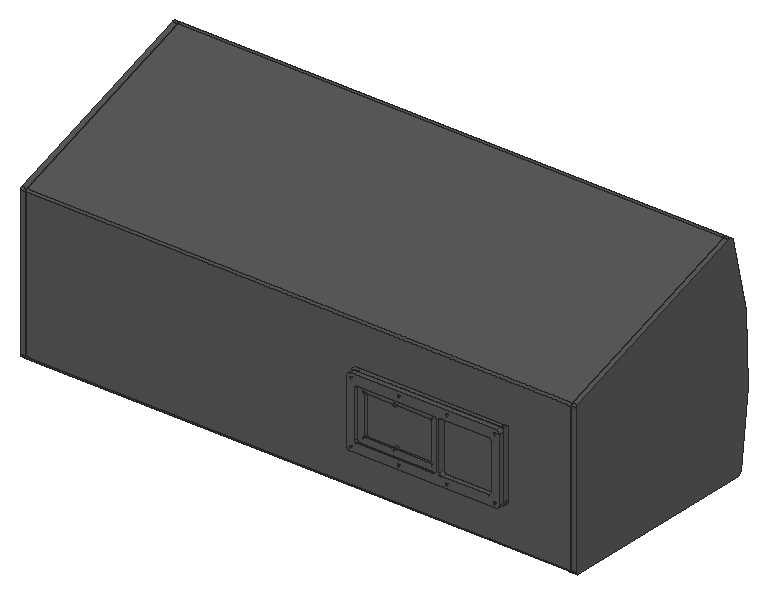
Revit family "EVU-2062", category Communication Devices, Revit 2017
Family settings
  Maintain Annotation Orientation = Yes
  Round Connector Dimension = Use Diameter
  Part Type = Normal
  OmniClass Number = 23.85.10.11.11.21
  OmniClass Title = Speakers
  Work Plane-Based = Yes
  Always vertical = Yes
  Cut with Voids When Loaded = No
  Shared = No
  Room Calculation Point = No
Parameters (values of type "EVU1062/95BLK_Single_6.5_Inch_Two_Way_Black")
  Version = "1"
  Uniclass2015Code = "Pr_60_75_08_02"
  URL = ""
  ProductInformation = "https://www.electrovoice.com/binary/EVU-1062-95.pdf"
  PlanningTools = "http://www.electrovoice.com/product.php?id=1123"
  ModelNumber = "F.01U.216.251"
  Model = ""
  MaterialRALColour = "RAL9004"
  ManufacturerURL = "https://www.electrovoice.com"
  Manufacturer = "Electro Voice"
  LoudspeakerMaterial = 13-plyWeather-resistantBirchEVCoat -RAL9004
  Default Elevation = 0.00 mm
  CTN = "EVU1062/95BLK"
  BackHeight = 145.14 mm  # constant formula
  FrontHeight = 208.40 mm  # constant formula
  InstallationManual = "https://www.electrovoice.com/binary/EVU-1062-95.pdf"
  IfcExportType = "IfcBuildingElementProxyType"
  IfcExportAs = "IfcBuildingElementProxy"
  Length = 532.92 mm  # constant formula
  GrillMaterial = 16GA Powder-coatedGalvanneal - B
  Disclaimer = "http://resource.boschsecurity.com/information/BIM/Disclaimer_Electrovoice.pdf"
  Description = "1.3\" (33mm) diaphgram, 1.4\" (36mm) exit pure titanium compression driver. 6.5\" (165mm) LF transducer. Advanced third-order crossover network with HF protection. Coverage pattern: 90° x 50° Constant Directivity rotatable waveguide. 92 dB sensitivity, 120 dB maximum SPL. System raiting: 160 W continuous, 640 W peak. Universal U-bracket included."
  Depth = 206.70 mm  # constant formula
  ArchitectsAndEngineersSpecs = "https://www.electrovoice.com/binary/EVU-1062-95.pdf"
Reference planes
  plane 1 "Center (Front/Back)": y = 0
  plane 2: z = 0
  plane 3 "Center (Left/Right)": x = 0
Forms (mm)
  Extrusion 1, solid, material "13-plyWeather-resistantBirchEVCoat -RAL9004" <- "LoudspeakerMaterial"
    sketch origin (-261.46, 0, -0.524) x (0, 1, 0) y (0, 0, 1)
      loop
        line (190.935, -66.22) -> (6.35, -66.22) -> (6.35, 68.36) -> (182.131, 128.886) -> (187.496, 132.943)
        arc (187.496, 132.943) -> (185.38, 135.396) -> (182.147, 135.608) r 4.19
        line (182.147, 135.608) -> (1.713, 73.479)
        arc (1.713, 73.479) -> (0.472, 72.553) -> (0, 71.078) r 2.54
        line (0, 71.078) -> (0, -70.03)
        arc (0, -70.03) -> (0.744, -71.826) -> (2.54, -72.57) r 2.54
        line (2.54, -72.57) -> (192.664, -72.57)
        arc (192.664, -72.57) -> (195.278, -71.654) -> (196.75, -69.307) r 4.19
        line (196.75, -69.307) -> (190.935, -66.22)
    from 0 to 522.92
  Extrusion 2, solid, material "16GA Powder-coatedGalvanneal - B" <- "GrillMaterial"
    sketch origin (-261.18, 0, -0.524) x (0, 1, 0) y (0, 0, 1)
      loop
        arc (193.866, -67.776) -> (202.732, 32.222) -> (184.962, 131.027) r 378
        line (184.962, 131.027) -> (183.694, 130.068)
        arc (183.694, 130.068) -> (201.236, 32.097) -> (192.493, -67.047) r 376.5
        line (192.493, -67.047) -> (193.866, -67.776)
    from -0.28 to 522.64
  Extrusion 3, solid, material "13-plyWeather-resistantBirchEVCoat -RAL9004" <- "LoudspeakerMaterial"
    sketch origin (-261.46, 0, -0.524) x (0, -1, 0) y (0, 0, 1)
      loop
        line (0, -70.029) -> (0, 71.078)
        arc (0, 71.078) -> (-0.472, 72.553) -> (-1.713, 73.479) r 2.54
        line (-1.713, 73.479) -> (-182.147, 135.608)
        arc (-182.147, 135.608) -> (-185.382, 135.396) -> (-187.497, 132.94) r 4.19
        arc (-187.497, 132.94) -> (-205.699, 33.006) -> (-196.849, -68.185) r 381
        arc (-196.849, -68.185) -> (-195.694, -71.273) -> (-192.664, -72.569) r 4.19
        line (-192.664, -72.569) -> (-2.54, -72.569)
        arc (-2.54, -72.569) -> (-0.744, -71.825) -> (0, -70.029) r 2.54
    from 0 to 5
  Extrusion 4, solid, material "13-plyWeather-resistantBirchEVCoat -RAL9004" <- "LoudspeakerMaterial"
    sketch origin (261.46, -0.922, -0.524) x (0, 1, 0) y (0, 0, 1)
      loop
        arc (2.635, 73.479) -> (1.394, 72.553) -> (0.922, 71.078) r 2.54
        line (0.922, 71.078) -> (0.922, -70.03)
        arc (0.922, -70.03) -> (1.666, -71.826) -> (3.462, -72.57) r 2.54
        line (3.462, -72.57) -> (193.586, -72.57)
        arc (193.586, -72.57) -> (196.2, -71.654) -> (197.672, -69.307) r 4.19
        arc (197.672, -69.307) -> (206.725, 32.444) -> (188.418, 132.943) r 381
        arc (188.418, 132.943) -> (186.302, 135.396) -> (183.069, 135.608) r 4.19
        line (183.069, 135.608) -> (2.635, 73.479)
    from 0 to 5
Lines and regions (mm)
  model lines, not visible
    curve 1: circle (-185, 35.169, -45.832) r 3 normal (1, 0, 0)
    curve 2: circle (-185, 35.169, -45.832) r 2.25 normal (1, 0, 0)
    curve 3: line (-185, 34.284, -43.764) -> (-185, 34.284, -47.901)
    curve 4: line (-185, 36.054, -43.764) -> (-185, 36.054, -47.901)
    curve 5: circle (-185, 35.169, 4.168) r 3 normal (1, 0, 0)
    curve 6: circle (-185, 35.169, 4.168) r 2.25 normal (1, 0, 0)
    curve 7: line (-185, 34.284, 6.236) -> (-185, 34.284, 2.099)
    curve 8: line (-185, 36.054, 6.236) -> (-185, 36.054, 2.099)
    curve 9: circle (-185, 35.169, 54.168) r 3 normal (1, 0, 0)
    curve 10: circle (-185, 35.169, 54.168) r 2.25 normal (1, 0, 0)
    curve 11: line (-185, 34.284, 56.236) -> (-185, 34.284, 52.099)
    curve 12: line (-185, 36.054, 56.236) -> (-185, 36.054, 52.099)
    curve 13: circle (-185, 155.169, -45.832) r 3 normal (1, 0, 0)
    curve 14: circle (-185, 155.169, -45.832) r 2.25 normal (1, 0, 0)
    curve 15: line (-185, 154.284, -43.764) -> (-185, 154.284, -47.901)
    curve 16: line (-185, 156.054, -43.764) -> (-185, 156.054, -47.901)
    curve 17: circle (-185, 155.169, 24.168) r 3 normal (1, 0, 0)
    curve 18: circle (-185, 155.169, 24.168) r 2.25 normal (1, 0, 0)
    curve 19: line (-185, 154.284, 26.236) -> (-185, 154.284, 22.099)
    curve 20: line (-185, 156.054, 26.236) -> (-185, 156.054, 22.099)
    curve 21: circle (-185, 155.169, 94.168) r 3 normal (1, 0, 0)
    curve 22: circle (-185, 155.169, 94.168) r 2.25 normal (1, 0, 0)
    curve 23: line (-185, 154.284, 96.236) -> (-185, 154.284, 92.099)
    curve 24: line (-185, 156.054, 96.236) -> (-185, 156.054, 92.099)
  reference lines
    curve 25: line (269.037, 206.7, 0) -> (269.287, 206.7, 0)
    curve 26: line (-74.46, 205.803, 31.162) -> (-74.46, 205.803, 31.662)
    curve 27: line (-74.46, 183.398, 135.307) -> (-74.46, 183.698, 135.307)
    curve 28: line (-74.46, 0.658, 72.047) -> (-74.46, 0.358, 72.047)
  model lines
    curve 29: circle (-266.46, 35.169, -46.356) r 3 normal (1, 0, 0)
    curve 30: circle (-266.46, 35.169, -46.356) r 2.25 normal (1, 0, 0)
    curve 31: line (-266.46, 34.284, -44.288) -> (-266.46, 34.284, -48.425)
    curve 32: line (-266.46, 36.054, -44.288) -> (-266.46, 36.054, -48.425)
    curve 33: circle (-266.46, 35.169, 3.644) r 3 normal (1, 0, 0)
    curve 34: circle (-266.46, 35.169, 3.644) r 2.25 normal (1, 0, 0)
    curve 35: line (-266.46, 34.284, 5.712) -> (-266.46, 34.284, 1.575)
    curve 36: line (-266.46, 36.054, 5.712) -> (-266.46, 36.054, 1.575)
    curve 37: circle (-266.46, 35.169, 53.644) r 3 normal (1, 0, 0)
    curve 38: circle (-266.46, 35.169, 53.644) r 2.25 normal (1, 0, 0)
    curve 39: line (-266.46, 34.284, 55.712) -> (-266.46, 34.284, 51.575)
    curve 40: line (-266.46, 36.054, 55.712) -> (-266.46, 36.054, 51.575)
    curve 41: circle (-266.46, 155.169, -46.356) r 3 normal (1, 0, 0)
    curve 42: circle (-266.46, 155.169, -46.356) r 2.25 normal (1, 0, 0)
    curve 43: line (-266.46, 154.284, -44.288) -> (-266.46, 154.284, -48.425)
    curve 44: line (-266.46, 156.054, -44.288) -> (-266.46, 156.054, -48.425)
    curve 45: circle (-266.46, 155.169, 23.644) r 3 normal (1, 0, 0)
    curve 46: circle (-266.46, 155.169, 23.644) r 2.25 normal (1, 0, 0)
    curve 47: line (-266.46, 154.284, 25.712) -> (-266.46, 154.284, 21.575)
    curve 48: line (-266.46, 156.054, 25.712) -> (-266.46, 156.054, 21.575)
    curve 49: circle (-266.46, 155.169, 93.644) r 3 normal (1, 0, 0)
    curve 50: circle (-266.46, 155.169, 93.644) r 2.25 normal (1, 0, 0)
    curve 51: line (-266.46, 154.284, 95.712) -> (-266.46, 154.284, 91.575)
    curve 52: line (-266.46, 156.054, 95.712) -> (-266.46, 156.054, 91.575)
    curve 53: circle (266.46, 35.169, -46.356) r 3 normal (1, 0, 0)
    curve 54: circle (266.46, 35.169, -46.356) r 2.25 normal (1, 0, 0)
    curve 55: line (266.46, 34.284, -44.288) -> (266.46, 34.284, -48.425)
    curve 56: line (266.46, 36.054, -44.288) -> (266.46, 36.054, -48.425)
    curve 57: circle (266.46, 35.169, 3.644) r 3 normal (1, 0, 0)
    curve 58: circle (266.46, 35.169, 3.644) r 2.25 normal (1, 0, 0)
    curve 59: line (266.46, 34.284, 5.712) -> (266.46, 34.284, 1.575)
    curve 60: line (266.46, 36.054, 5.712) -> (266.46, 36.054, 1.575)
    curve 61: circle (266.46, 35.169, 53.644) r 3 normal (1, 0, 0)
    curve 62: circle (266.46, 35.169, 53.644) r 2.25 normal (1, 0, 0)
    curve 63: line (266.46, 34.284, 55.712) -> (266.46, 34.284, 51.575)
    curve 64: line (266.46, 36.054, 55.712) -> (266.46, 36.054, 51.575)
    curve 65: circle (266.46, 155.169, -46.356) r 3 normal (1, 0, 0)
    curve 66: circle (266.46, 155.169, -46.356) r 2.25 normal (1, 0, 0)
    curve 67: line (266.46, 154.284, -44.288) -> (266.46, 154.284, -48.425)
    curve 68: line (266.46, 156.054, -44.288) -> (266.46, 156.054, -48.425)
    curve 69: circle (266.46, 155.169, 23.644) r 3 normal (1, 0, 0)
    curve 70: circle (266.46, 155.169, 23.644) r 2.25 normal (1, 0, 0)
    curve 71: line (266.46, 154.284, 25.712) -> (266.46, 154.284, 21.575)
    curve 72: line (266.46, 156.054, 25.712) -> (266.46, 156.054, 21.575)
    curve 73: circle (266.46, 155.169, 93.644) r 3 normal (1, 0, 0)
    curve 74: circle (266.46, 155.169, 93.644) r 2.25 normal (1, 0, 0)
    curve 75: line (266.46, 154.284, 95.712) -> (266.46, 154.284, 91.575)
    curve 76: line (266.46, 156.054, 95.712) -> (266.46, 156.054, 91.575)
Dimensions and locks
  "BackHeight": Extrusion 3 to curve 28
  "FrontHeight": curve 27 to Extrusion 3
  "Depth": plane 1 "Center (Front/Back)" to curve 25
  equal spacing: Extrusion 3, plane 3 "Center (Left/Right)", Extrusion 4
  "Length": Extrusion 3 to Extrusion 4
  aligned and locked: plane 2 to level
Automatic sketch dimensions
  plane 3 "Center (Left/Right)" to curve 25 = 269.037 mm
  curve 25 to curve 25 = 0.25 mm
  Extrusion 1 sketch curve to plane 1 "Center (Front/Back)" = 0.00 mm
  Extrusion 1 sketch curve to plane 1 "Center (Front/Back)" = 1.713 mm
  Extrusion 1 sketch curve to plane 1 "Center (Front/Back)" = 2.54 mm
  Extrusion 1 sketch curve to Extrusion 1 sketch curve = 0.827 mm
  Extrusion 1 sketch curve to Extrusion 1 sketch curve = 3.81 mm  (x2)
  Extrusion 1 sketch curve to plane 1 "Center (Front/Back)" = 182.131 mm
  Extrusion 1 sketch curve to Extrusion 1 sketch curve = 0.016 mm
  Extrusion 1 sketch curve to Extrusion 1 sketch curve = 1.38 mm
  Extrusion 1 sketch curve to Extrusion 1 sketch curve = 3.984 mm
  Extrusion 1 sketch curve to level = 66.744 mm
  Extrusion 1 sketch curve to Extrusion 1 sketch curve = 184.585 mm
  Extrusion 1 sketch curve to Extrusion 1 sketch curve = 1.729 mm
  Extrusion 1 sketch curve to level = 69.831 mm
  Extrusion 1 sketch curve to Extrusion 1 sketch curve = 4.086 mm
  level to Extrusion 1 sketch curve = 67.836 mm
  Extrusion 1 sketch curve to Extrusion 1 sketch curve = 2.718 mm
  level to Extrusion 1 sketch curve = 128.363 mm
  Extrusion 1 sketch curve to Extrusion 1 sketch curve = 2.76 mm
  Extrusion 1 sketch curve to Extrusion 1 sketch curve = 1.297 mm
  Extrusion 2 sketch curve to Extrusion 2 sketch curve = 0.00 mm  (x2)
  level to Extrusion 2 sketch curve = 14.785 mm
  plane 1 "Center (Front/Back)" to Extrusion 2 sketch curve = 174.89 mm
  Extrusion 2 sketch curve to plane 1 "Center (Front/Back)" = 183.694 mm
  Extrusion 2 sketch curve to Extrusion 2 sketch curve = 1.268 mm
  Extrusion 2 sketch curve to level = 67.571 mm
  Extrusion 2 sketch curve to plane 1 "Center (Front/Back)" = 192.493 mm
  Extrusion 2 sketch curve to level = 68.30 mm
  Extrusion 2 sketch curve to Extrusion 2 sketch curve = 1.374 mm
  Extrusion 3 sketch curve to plane 1 "Center (Front/Back)" = 0.00 mm
  Extrusion 3 sketch curve to plane 1 "Center (Front/Back)" = 1.713 mm
  Extrusion 3 sketch curve to Extrusion 3 sketch curve = 2.54 mm
  Extrusion 3 sketch curve to plane 1 "Center (Front/Back)" = 2.54 mm
  Extrusion 3 sketch curve to plane 1 "Center (Front/Back)" = 182.147 mm
  Extrusion 3 sketch curve to Extrusion 3 sketch curve = 1.364 mm
  Extrusion 3 sketch curve to level = 68.903 mm
  Extrusion 3 sketch curve to Extrusion 3 sketch curve = 190.124 mm
  level to Extrusion 3 sketch curve = 14.785 mm
  plane 1 "Center (Front/Back)" to Extrusion 3 sketch curve = 174.89 mm
  Extrusion 3 sketch curve to level = 70.553 mm
  level to Extrusion 3 sketch curve = 70.554 mm
  level to Extrusion 3 sketch curve = 131.122 mm
  Extrusion 3 sketch curve to Extrusion 3 sketch curve = 3.962 mm
  Extrusion 3 sketch curve to Extrusion 3 sketch curve = 0.00 mm
  Extrusion 4 sketch curve to plane 1 "Center (Front/Back)" = 0.00 mm
  level to Extrusion 4 sketch curve = 14.505 mm
  plane 1 "Center (Front/Back)" to Extrusion 4 sketch curve = 174.799 mm
  Extrusion 4 sketch curve to plane 1 "Center (Front/Back)" = 1.713 mm
  Extrusion 4 sketch curve to plane 1 "Center (Front/Back)" = 2.54 mm
  Extrusion 4 sketch curve to Extrusion 4 sketch curve = 2.54 mm
  Extrusion 4 sketch curve to plane 1 "Center (Front/Back)" = 182.147 mm
  Extrusion 4 sketch curve to Extrusion 4 sketch curve = 1.364 mm
  Extrusion 4 sketch curve to level = 73.094 mm
  Extrusion 4 sketch curve to Extrusion 4 sketch curve = 190.124 mm
  Extrusion 4 sketch curve to Extrusion 4 sketch curve = 4.19 mm
  level to Extrusion 4 sketch curve = 70.554 mm
  level to Extrusion 4 sketch curve = 131.122 mm
  Extrusion 4 sketch curve to Extrusion 4 sketch curve = 3.962 mm
  Extrusion 4 sketch curve to Extrusion 4 sketch curve = 0.00 mm
  curve 28 to plane 1 "Center (Front/Back)" = 0.358 mm
  level to curve 26 = 31.162 mm
  curve 28 to curve 28 = 0.30 mm
  curve 27 to plane 1 "Center (Front/Back)" = 183.398 mm
  curve 27 to curve 27 = 0.30 mm
  level to curve 26 = 31.662 mm
  curve 27 to curve 26 = 22.105 mm
  level to curve 28 = 72.047 mm
  curve 26 to curve 27 = 103.645 mm
Nested families
  nested 1: "InputPanel_small" at (127.76, 0, -35), LoudspeakerMaterial <- "LoudspeakerMaterial", type "InputPanel_small"
    with LoudspeakerMaterial 13-plyWeather-resistantBirchEVCoat -RAL9004
  nested 2: "EV-L.dwg" at (213.942, 203.478, 25.339), type "EV-L.dwg"
Connectors
  electrical at (100.544, -5, -1.409)
    settings: on nested 1, index 1, voltage 0 V, apparent load 0 VA, apparent load phase1 0 VA, apparent load phase2 0 VA, apparent load phase3 0 VA, power factor 1, load classification "Other", number of poles 1, system type 31, power factor state 1, is connector primary yes, connector utility no, sub classification motor no, connector description ""
Definition of nested family "InputPanel_small"
  Parameters (values of type "InputPanel_small")
    Material = ""
    LoudspeakerMaterial [instance] = none
    Default Elevation = 1219.20 mm
  Reference planes
    plane 1 "Center (Front/Back)": y = 0
    plane 2: z = 0
    plane 3 "Center (Left/Right)": x = 0
  Forms (mm)
    Extrusion 1, solid, material <- "LoudspeakerMaterial", not visible
      sketch origin (-97.521, -0.5, 198.121) x (-1, 0, 0) y (0, 0, -1)
        loop
          arc (-169.642, 198.043) -> (-170.257, 197.789) -> (-170.511, 197.174) r 0.869
          line (-170.511, 197.174) -> (-170.511, 131.84)
          arc (-170.511, 131.84) -> (-170.257, 131.226) -> (-169.642, 130.971) r 0.869
          line (-169.642, 130.971) -> (-25.396, 130.971)
          arc (-25.396, 130.971) -> (-24.782, 131.226) -> (-24.527, 131.84) r 0.869
          line (-24.527, 131.84) -> (-24.527, 197.174)
          arc (-24.527, 197.174) -> (-24.782, 197.789) -> (-25.396, 198.043) r 0.869
          line (-25.396, 198.043) -> (-169.642, 198.043)
      from 0 to -0.5
    Extrusion 2, solid, material <- "LoudspeakerMaterial", detail levels medium+fine
      sketch origin (1.214, 0, 125.108) x (-1, 0, 0) y (0, 0, -1)
        loop
          line (70.917, 125.031) -> (-68.488, 125.031)
          arc (-68.488, 125.031) -> (-70.813, 124.068) -> (-71.776, 121.743) r 3.288
          line (-71.776, 121.743) -> (-71.776, 61.229)
          arc (-71.776, 61.229) -> (-70.921, 59.026) -> (-68.815, 57.959) r 3.288
          line (-68.815, 57.959) -> (70.925, 57.959)
          arc (70.925, 57.959) -> (73.25, 58.922) -> (74.212, 61.247) r 3.288
          line (74.212, 61.247) -> (74.205, 121.743)
          arc (74.205, 121.743) -> (73.242, 124.068) -> (70.917, 125.031) r 3.288
        loop
          line (-16.102, 116.673) -> (-61.46, 116.673)
          arc (-61.46, 116.673) -> (-63.304, 115.909) -> (-64.067, 114.066) r 2.607
          line (-64.067, 114.066) -> (-64.067, 69.267)
          arc (-64.067, 69.267) -> (-63.304, 67.424) -> (-61.46, 66.66) r 2.607
          line (-61.46, 66.66) -> (-16.102, 66.658)
          arc (-16.102, 66.658) -> (-14.259, 67.424) -> (-13.495, 69.267) r 2.607
          line (-13.495, 69.267) -> (-13.495, 114.066)
          arc (-13.495, 114.066) -> (-14.259, 115.909) -> (-16.102, 116.673) r 2.607
        loop
          line (64.151, 116.673) -> (-8.801, 116.673)
          arc (-8.801, 116.673) -> (-10.645, 115.909) -> (-11.408, 114.066) r 2.607
          line (-11.408, 114.066) -> (-11.408, 69.267)
          arc (-11.408, 69.267) -> (-10.645, 67.424) -> (-8.801, 66.66) r 2.607
          line (-8.801, 66.66) -> (64.151, 66.658)
          arc (64.151, 66.658) -> (65.994, 67.424) -> (66.758, 69.267) r 2.607
          line (66.758, 69.267) -> (66.758, 114.066)
          arc (66.758, 114.066) -> (65.994, 115.909) -> (64.151, 116.673) r 2.607
        loop
          circle (-67.83, 121.068) r 1.368
        loop
          circle (-21.853, 121.068) r 1.368
        loop
          circle (24.255, 121.068) r 1.368
        loop
          circle (69.993, 121.068) r 1.368
        loop
          circle (-67.961, 61.771) r 1.368
        loop
          circle (-21.984, 61.771) r 1.368
        loop
          circle (24.124, 61.771) r 1.368
        loop
          circle (69.862, 61.771) r 1.368
      from 0 to 10
    Extrusion 3, solid, material <- "LoudspeakerMaterial", detail levels fine
      sketch origin (25.655, 0, 118.331) x (-1, 0, 0) y (0, 0, -1)
        loop
          arc (15.45, 109.952) -> (13.605, 109.187) -> (12.84, 107.342) r 2.61
          line (12.84, 107.342) -> (12.84, 62.493)
          arc (12.84, 62.493) -> (13.606, 60.646) -> (15.45, 59.881) r 2.61
          line (15.45, 59.881) -> (88.485, 59.883)
          arc (88.485, 59.883) -> (90.33, 60.647) -> (91.094, 62.493) r 2.61
          line (91.094, 62.493) -> (91.094, 107.342)
          arc (91.094, 107.342) -> (90.33, 109.187) -> (88.485, 109.952) r 2.61
          line (88.485, 109.952) -> (15.45, 109.952)
        loop
          line (53.049, 104.094) -> (20.673, 104.09)
          arc (20.673, 104.09) -> (20.25, 103.216) -> (19.475, 102.633) r 2.061
          line (19.475, 102.633) -> (19.479, 66.839)
          arc (19.479, 66.839) -> (20.255, 66.255) -> (20.677, 65.382) r 2.061
          line (20.677, 65.382) -> (53.053, 65.386)
          arc (53.053, 65.386) -> (55.067, 67.012) -> (57.082, 65.386) r 2.061
          line (57.082, 65.386) -> (82.875, 65.389)
          arc (82.875, 65.389) -> (83.297, 66.263) -> (84.073, 66.847) r 2.061
          line (84.073, 66.847) -> (84.068, 102.641)
          arc (84.068, 102.641) -> (83.293, 103.224) -> (82.87, 104.098) r 2.061
          line (82.87, 104.098) -> (57.077, 104.095)
          arc (57.077, 104.095) -> (55.063, 102.469) -> (53.049, 104.094) r 2.061
        loop
          circle (55.063, 104.529) r 0.832
        loop
          circle (55.063, 64.893) r 0.832
        loop
          circle (84.767, 104.529) r 0.832
        loop
          circle (84.767, 64.893) r 0.832
        loop
          circle (18.835, 104.529) r 0.832
        loop
          circle (18.835, 64.893) r 0.832
      from 7.5 to 5
    Extrusion 4, solid, material <- "LoudspeakerMaterial"
      sketch origin (1.214, 0, 125.108) x (-1, 0, 0) y (0, 0, -1)
        loop
          line (-71.776, 125.031) -> (-71.776, 57.959) -> (74.213, 57.959) -> (74.205, 125.031) -> (-71.776, 125.031)
      from 0 to 4.337
  Lines and regions (mm)
    model lines, not visible
      curve 1: arc (59.415, -9.5, 70.232) -> (59.756, -9.5, 68.636) -> (60.858, -9.5, 67.432) r 3.109
      curve 2: arc (59.414, -9.5, 82.845) -> (59.754, -9.5, 81.249) -> (60.857, -9.5, 80.045) r 3.109
      curve 3: arc (59.417, -9.5, 63.926) -> (59.752, -9.5, 62.34) -> (60.84, -9.5, 61.139) r 3.108
      curve 4: arc (59.415, -9.5, 76.539) -> (59.75, -9.5, 74.953) -> (60.838, -9.5, 73.752) r 3.108
      curve 5: arc (60.711, -9.5, 72.945) -> (59.72, -9.5, 71.753) -> (59.414, -9.5, 70.232) r 3.166
      curve 6: arc (60.71, -9.5, 85.557) -> (59.718, -9.5, 84.365) -> (59.412, -9.5, 82.845) r 3.166
      curve 7: arc (60.712, -9.5, 66.637) -> (59.721, -9.5, 65.445) -> (59.415, -9.5, 63.926) r 3.165
      curve 8: arc (60.71, -9.5, 79.25) -> (59.72, -9.5, 78.058) -> (59.414, -9.5, 76.539) r 3.165
      curve 9: arc (59.062, -9.5, 76.539) -> (58.721, -9.5, 78.135) -> (57.618, -9.5, 79.339) r 3.109
      curve 10: arc (59.063, -9.5, 63.926) -> (58.723, -9.5, 65.522) -> (57.62, -9.5, 66.726) r 3.109
      curve 11: arc (59.06, -9.5, 82.845) -> (58.725, -9.5, 84.431) -> (57.637, -9.5, 85.632) r 3.108
      curve 12: arc (59.062, -9.5, 70.232) -> (58.726, -9.5, 71.818) -> (57.638, -9.5, 73.019) r 3.108
      curve 13: arc (57.765, -9.5, 73.826) -> (58.757, -9.5, 75.018) -> (59.063, -9.5, 76.539) r 3.166
      curve 14: arc (57.767, -9.5, 61.214) -> (58.758, -9.5, 62.406) -> (59.065, -9.5, 63.926) r 3.166
      curve 15: arc (57.765, -9.5, 80.134) -> (58.756, -9.5, 81.326) -> (59.062, -9.5, 82.845) r 3.165
      curve 16: arc (57.767, -9.5, 67.521) -> (58.757, -9.5, 68.713) -> (59.063, -9.5, 70.232) r 3.165
      curve 17: arc (62.678, -9.5, 67.687) -> (63.752, -9.5, 68.757) -> (64.103, -9.5, 70.233) r 2.775
      curve 18: arc (63.369, -9.5, 67.367) -> (64.444, -9.5, 68.62) -> (64.794, -9.5, 70.233) r 3.371
      curve 19: arc (62.678, -9.5, 67.687) -> (62.999, -9.5, 67.474) -> (63.369, -9.5, 67.367) r 1.273
      curve 20: arc (62.676, -9.5, 80.299) -> (63.75, -9.5, 81.37) -> (64.101, -9.5, 82.846) r 2.775
      curve 21: arc (63.368, -9.5, 79.98) -> (64.442, -9.5, 81.233) -> (64.793, -9.5, 82.846) r 3.371
      curve 22: arc (62.676, -9.5, 80.299) -> (62.998, -9.5, 80.087) -> (63.368, -9.5, 79.98) r 1.273
      curve 23: arc (62.679, -9.5, 61.381) -> (63.752, -9.5, 62.452) -> (64.103, -9.5, 63.927) r 2.774
      curve 24: arc (63.37, -9.5, 61.062) -> (64.444, -9.5, 62.315) -> (64.794, -9.5, 63.927) r 3.37
      curve 25: arc (62.679, -9.5, 61.381) -> (63, -9.5, 61.169) -> (63.37, -9.5, 61.062) r 1.273
      curve 26: arc (62.677, -9.5, 73.994) -> (63.751, -9.5, 75.064) -> (64.101, -9.5, 76.539) r 2.774
      curve 27: arc (63.369, -9.5, 73.675) -> (64.442, -9.5, 74.927) -> (64.793, -9.5, 76.539) r 3.37
      curve 28: arc (62.677, -9.5, 73.994) -> (62.998, -9.5, 73.781) -> (63.369, -9.5, 73.675) r 1.273
      curve 29: arc (64.103, -9.5, 70.233) -> (63.752, -9.5, 71.708) -> (62.677, -9.5, 72.779) r 2.775
      curve 30: arc (63.369, -9.5, 73.098) -> (62.999, -9.5, 72.992) -> (62.677, -9.5, 72.779) r 1.273
      curve 31: arc (64.794, -9.5, 70.233) -> (64.443, -9.5, 71.846) -> (63.369, -9.5, 73.098) r 3.371
      curve 32: arc (64.101, -9.5, 82.846) -> (63.75, -9.5, 84.321) -> (62.676, -9.5, 85.392) r 2.775
      curve 33: arc (63.367, -9.5, 85.711) -> (62.997, -9.5, 85.604) -> (62.676, -9.5, 85.392) r 1.273
      curve 34: arc (64.793, -9.5, 82.846) -> (64.442, -9.5, 84.458) -> (63.367, -9.5, 85.711) r 3.371
      curve 35: arc (64.103, -9.5, 63.927) -> (63.752, -9.5, 65.401) -> (62.678, -9.5, 66.472) r 2.774
      curve 36: arc (63.37, -9.5, 66.791) -> (62.999, -9.5, 66.684) -> (62.678, -9.5, 66.472) r 1.273
      curve 37: arc (64.794, -9.5, 63.927) -> (64.444, -9.5, 65.539) -> (63.37, -9.5, 66.791) r 3.37
      curve 38: arc (64.101, -9.5, 76.539) -> (63.75, -9.5, 78.014) -> (62.676, -9.5, 79.084) r 2.774
      curve 39: arc (63.368, -9.5, 79.404) -> (62.998, -9.5, 79.297) -> (62.676, -9.5, 79.084) r 1.273
      curve 40: arc (64.793, -9.5, 76.539) -> (64.442, -9.5, 78.151) -> (63.368, -9.5, 79.404) r 3.37
      curve 41: arc (59.627, -9.5, 63.926) -> (59.978, -9.5, 62.451) -> (61.052, -9.5, 61.381) r 2.774
      curve 42: arc (61.051, -9.5, 66.471) -> (59.977, -9.5, 65.401) -> (59.627, -9.5, 63.926) r 2.774
      curve 43: arc (59.625, -9.5, 70.232) -> (59.976, -9.5, 68.757) -> (61.051, -9.5, 67.686) r 2.775
      curve 44: arc (61.05, -9.5, 72.779) -> (59.976, -9.5, 71.708) -> (59.625, -9.5, 70.232) r 2.775
      curve 45: arc (59.625, -9.5, 76.539) -> (59.976, -9.5, 75.064) -> (61.05, -9.5, 73.994) r 2.774
      curve 46: arc (61.049, -9.5, 79.084) -> (59.976, -9.5, 78.014) -> (59.625, -9.5, 76.539) r 2.774
      curve 47: arc (59.624, -9.5, 82.845) -> (59.975, -9.5, 81.37) -> (61.049, -9.5, 80.299) r 2.775
      curve 48: arc (61.049, -9.5, 85.391) -> (59.975, -9.5, 84.321) -> (59.624, -9.5, 82.845) r 2.775
      curve 49: arc (65.487, -9.5, 67.368) -> (66.537, -9.5, 68.57) -> (66.91, -9.5, 70.123) r 3.348
      curve 50: arc (65.485, -9.5, 79.98) -> (66.535, -9.5, 81.183) -> (66.909, -9.5, 82.735) r 3.348
      curve 51: arc (66.91, -9.5, 70.344) -> (66.536, -9.5, 71.896) -> (65.486, -9.5, 73.099) r 3.348
      curve 52: arc (66.909, -9.5, 82.956) -> (66.535, -9.5, 84.509) -> (65.485, -9.5, 85.711) r 3.348
      curve 53: arc (65.488, -9.5, 61.062) -> (66.543, -9.5, 62.278) -> (66.911, -9.5, 63.846) r 3.353
      curve 54: arc (65.486, -9.5, 73.675) -> (66.542, -9.5, 74.891) -> (66.909, -9.5, 76.458) r 3.353
      curve 55: arc (66.911, -9.5, 64.008) -> (66.543, -9.5, 65.576) -> (65.487, -9.5, 66.791) r 3.353
      curve 56: arc (66.909, -9.5, 76.621) -> (66.542, -9.5, 78.189) -> (65.485, -9.5, 79.404) r 3.353
      curve 57: arc (61.368, -9.5, 70.233) -> (61.701, -9.5, 68.86) -> (62.728, -9.5, 67.892) r 2.482
      curve 58: arc (61.369, -9.5, 63.926) -> (61.702, -9.5, 62.554) -> (62.729, -9.5, 61.585) r 2.482
      curve 59: arc (61.777, -9.5, 65.419) -> (61.47, -9.5, 64.701) -> (61.369, -9.5, 63.926) r 2.857
      curve 60: arc (62.453, -9.5, 65.577) -> (62.398, -9.5, 65.499) -> (62.347, -9.5, 65.419) r 2.446
      curve 61: arc (61.777, -9.5, 71.725) -> (61.469, -9.5, 71.007) -> (61.368, -9.5, 70.233) r 2.857
      curve 62: arc (62.452, -9.5, 71.883) -> (62.398, -9.5, 71.805) -> (62.346, -9.5, 71.725) r 2.446
      curve 63: arc (61.367, -9.5, 76.539) -> (61.7, -9.5, 75.167) -> (62.727, -9.5, 74.198) r 2.482
      curve 64: arc (61.367, -9.5, 82.845) -> (61.699, -9.5, 81.473) -> (62.727, -9.5, 80.504) r 2.482
      curve 65: arc (61.776, -9.5, 78.031) -> (61.469, -9.5, 77.313) -> (61.367, -9.5, 76.539) r 2.857
      curve 66: arc (62.452, -9.5, 78.19) -> (62.397, -9.5, 78.112) -> (62.345, -9.5, 78.032) r 2.446
      curve 67: arc (61.775, -9.5, 84.338) -> (61.468, -9.5, 83.62) -> (61.367, -9.5, 82.845) r 2.857
      curve 68: arc (62.451, -9.5, 84.496) -> (62.396, -9.5, 84.418) -> (62.345, -9.5, 84.338) r 2.446
      curve 69: arc (55.799, -9.5, 79.084) -> (54.725, -9.5, 78.014) -> (54.374, -9.5, 76.538) r 2.775
      curve 70: arc (55.107, -9.5, 79.404) -> (54.033, -9.5, 78.151) -> (53.682, -9.5, 76.538) r 3.371
      curve 71: arc (55.799, -9.5, 79.084) -> (55.478, -9.5, 79.297) -> (55.107, -9.5, 79.404) r 1.273
      curve 72: arc (55.8, -9.5, 66.472) -> (54.726, -9.5, 65.401) -> (54.376, -9.5, 63.925) r 2.775
      curve 73: arc (55.109, -9.5, 66.791) -> (54.035, -9.5, 65.538) -> (53.684, -9.5, 63.925) r 3.371
      curve 74: arc (55.8, -9.5, 66.472) -> (55.479, -9.5, 66.684) -> (55.109, -9.5, 66.791) r 1.273
      curve 75: arc (55.798, -9.5, 85.39) -> (54.725, -9.5, 84.319) -> (54.374, -9.5, 82.844) r 2.774
      curve 76: arc (55.107, -9.5, 85.709) -> (54.033, -9.5, 84.456) -> (53.682, -9.5, 82.844) r 3.37
      curve 77: arc (55.798, -9.5, 85.39) -> (55.477, -9.5, 85.602) -> (55.107, -9.5, 85.709) r 1.273
      curve 78: arc (55.8, -9.5, 72.777) -> (54.726, -9.5, 71.707) -> (54.376, -9.5, 70.232) r 2.774
      curve 79: arc (55.108, -9.5, 73.096) -> (54.034, -9.5, 71.844) -> (53.684, -9.5, 70.232) r 3.37
      curve 80: arc (55.8, -9.5, 72.777) -> (55.478, -9.5, 72.99) -> (55.108, -9.5, 73.096) r 1.273
      curve 81: arc (54.374, -9.5, 76.538) -> (54.725, -9.5, 75.063) -> (55.8, -9.5, 73.992) r 2.775
      curve 82: arc (55.108, -9.5, 73.673) -> (55.478, -9.5, 73.779) -> (55.8, -9.5, 73.992) r 1.273
      curve 83: arc (53.682, -9.5, 76.538) -> (54.033, -9.5, 74.925) -> (55.108, -9.5, 73.673) r 3.371
      curve 84: arc (54.376, -9.5, 63.925) -> (54.727, -9.5, 62.45) -> (55.801, -9.5, 61.379) r 2.775
      curve 85: arc (55.11, -9.5, 61.06) -> (55.48, -9.5, 61.167) -> (55.801, -9.5, 61.379) r 1.273
      curve 86: arc (53.684, -9.5, 63.925) -> (54.035, -9.5, 62.313) -> (55.11, -9.5, 61.06) r 3.371
      curve 87: arc (54.374, -9.5, 82.844) -> (54.725, -9.5, 81.369) -> (55.799, -9.5, 80.299) r 2.774
      curve 88: arc (55.107, -9.5, 79.98) -> (55.477, -9.5, 80.087) -> (55.799, -9.5, 80.299) r 1.273
      curve 89: arc (53.682, -9.5, 82.844) -> (54.033, -9.5, 81.232) -> (55.107, -9.5, 79.98) r 3.37
      curve 90: arc (54.376, -9.5, 70.232) -> (54.726, -9.5, 68.757) -> (55.8, -9.5, 67.687) r 2.774
      curve 91: arc (55.109, -9.5, 67.367) -> (55.479, -9.5, 67.474) -> (55.8, -9.5, 67.687) r 1.273
      curve 92: arc (53.684, -9.5, 70.232) -> (54.035, -9.5, 68.62) -> (55.109, -9.5, 67.367) r 3.37
      curve 93: arc (58.85, -9.5, 82.845) -> (58.499, -9.5, 84.32) -> (57.425, -9.5, 85.39) r 2.774
      curve 94: arc (57.426, -9.5, 80.3) -> (58.499, -9.5, 81.37) -> (58.85, -9.5, 82.845) r 2.774
      curve 95: arc (58.851, -9.5, 76.539) -> (58.5, -9.5, 78.014) -> (57.426, -9.5, 79.085) r 2.775
      curve 96: arc (57.427, -9.5, 73.992) -> (58.501, -9.5, 75.063) -> (58.851, -9.5, 76.539) r 2.775
      curve 97: arc (58.852, -9.5, 70.232) -> (58.501, -9.5, 71.707) -> (57.427, -9.5, 72.777) r 2.774
      curve 98: arc (57.427, -9.5, 67.687) -> (58.501, -9.5, 68.757) -> (58.852, -9.5, 70.232) r 2.774
      curve 99: arc (58.853, -9.5, 63.926) -> (58.502, -9.5, 65.401) -> (57.428, -9.5, 66.472) r 2.775
      curve 100: arc (57.428, -9.5, 61.38) -> (58.502, -9.5, 62.45) -> (58.853, -9.5, 63.926) r 2.775
      curve 101: arc (52.99, -9.5, 79.403) -> (51.94, -9.5, 78.2) -> (51.567, -9.5, 76.648) r 3.348
      curve 102: arc (52.991, -9.5, 66.791) -> (51.942, -9.5, 65.588) -> (51.568, -9.5, 64.036) r 3.348
      curve 103: arc (51.567, -9.5, 76.427) -> (51.94, -9.5, 74.875) -> (52.991, -9.5, 73.672) r 3.348
      curve 104: arc (51.568, -9.5, 63.815) -> (51.942, -9.5, 62.262) -> (52.992, -9.5, 61.06) r 3.348
      curve 105: arc (52.989, -9.5, 85.709) -> (51.933, -9.5, 84.493) -> (51.566, -9.5, 82.925) r 3.353
      curve 106: arc (52.991, -9.5, 73.096) -> (51.935, -9.5, 71.88) -> (51.567, -9.5, 70.313) r 3.353
      curve 107: arc (51.566, -9.5, 82.763) -> (51.934, -9.5, 81.195) -> (52.99, -9.5, 79.98) r 3.353
      curve 108: arc (51.567, -9.5, 70.15) -> (51.935, -9.5, 68.582) -> (52.991, -9.5, 67.367) r 3.353
      curve 109: arc (57.108, -9.5, 82.845) -> (56.775, -9.5, 84.217) -> (55.748, -9.5, 85.186) r 2.482
      curve 110: arc (57.109, -9.5, 76.538) -> (56.776, -9.5, 77.911) -> (55.749, -9.5, 78.879) r 2.482
      curve 111: arc (56.7, -9.5, 75.046) -> (57.007, -9.5, 75.764) -> (57.109, -9.5, 76.538) r 2.857
      curve 112: arc (56.024, -9.5, 74.888) -> (56.079, -9.5, 74.966) -> (56.131, -9.5, 75.046) r 2.446
      curve 113: arc (56.699, -9.5, 81.352) -> (57.007, -9.5, 82.07) -> (57.108, -9.5, 82.845) r 2.857
      curve 114: arc (56.024, -9.5, 81.194) -> (56.078, -9.5, 81.272) -> (56.13, -9.5, 81.352) r 2.446
      curve 115: arc (57.109, -9.5, 70.232) -> (56.777, -9.5, 71.604) -> (55.749, -9.5, 72.573) r 2.482
      curve 116: arc (57.11, -9.5, 63.926) -> (56.777, -9.5, 65.298) -> (55.75, -9.5, 66.267) r 2.482
      curve 117: arc (56.702, -9.5, 62.433) -> (57.009, -9.5, 63.151) -> (57.11, -9.5, 63.926) r 2.857
      curve 118: arc (56.026, -9.5, 62.275) -> (56.081, -9.5, 62.353) -> (56.132, -9.5, 62.433) r 2.446
      curve 119: arc (56.701, -9.5, 68.739) -> (57.008, -9.5, 69.458) -> (57.109, -9.5, 70.232) r 2.857
      curve 120: arc (56.025, -9.5, 68.581) -> (56.08, -9.5, 68.659) -> (56.131, -9.5, 68.739) r 2.446
      curve 121: spline (77.962, -9.5, 59.963) -> (78.093, -9.5, 59.972) -> (78.223, -9.5, 59.998) -> (78.348, -9.5, 60.04) -> (78.466, -9.5, 60.099) -> (78.576, -9.5, 60.172) -> (78.675, -9.5, 60.259) -> (78.762, -9.5, 60.358) -> (78.835, -9.5, 60.468) -> (78.894, -9.5, 60.586) -> (78.936, -9.5, 60.711) -> (78.962, -9.5, 60.841) -> (78.97, -9.5, 60.972)
      curve 122: spline (78.967, -9.5, 85.803) -> (78.959, -9.5, 85.935) -> (78.933, -9.5, 86.065) -> (78.891, -9.5, 86.19) -> (78.832, -9.5, 86.308) -> (78.759, -9.5, 86.418) -> (78.672, -9.5, 86.517) -> (78.573, -9.5, 86.604) -> (78.463, -9.5, 86.677) -> (78.344, -9.5, 86.735) -> (78.22, -9.5, 86.778) -> (78.09, -9.5, 86.804) -> (77.958, -9.5, 86.812)
      curve 123: spline (40.515, -9.5, 86.808) -> (40.383, -9.5, 86.799) -> (40.254, -9.5, 86.773) -> (40.129, -9.5, 86.731) -> (40.01, -9.5, 86.672) -> (39.901, -9.5, 86.599) -> (39.801, -9.5, 86.512) -> (39.714, -9.5, 86.413) -> (39.641, -9.5, 86.303) -> (39.583, -9.5, 86.185) -> (39.54, -9.5, 86.06) -> (39.515, -9.5, 85.93) -> (39.506, -9.5, 85.799)
      curve 124: spline (39.509, -9.5, 60.97) -> (39.517, -9.5, 60.838) -> (39.543, -9.5, 60.708) -> (39.585, -9.5, 60.583) -> (39.643, -9.5, 60.464) -> (39.717, -9.5, 60.354) -> (39.804, -9.5, 60.255) -> (39.903, -9.5, 60.168) -> (40.013, -9.5, 60.094) -> (40.131, -9.5, 60.036) -> (40.256, -9.5, 59.993) -> (40.386, -9.5, 59.967) -> (40.518, -9.5, 59.959)
      curve 125: spline (40.57, -9.5, 86.753) -> (40.438, -9.5, 86.744) -> (40.309, -9.5, 86.718) -> (40.184, -9.5, 86.676) -> (40.065, -9.5, 86.617) -> (39.956, -9.5, 86.544) -> (39.856, -9.5, 86.457) -> (39.769, -9.5, 86.358) -> (39.696, -9.5, 86.248) -> (39.638, -9.5, 86.13) -> (39.595, -9.5, 86.005) -> (39.57, -9.5, 85.875) -> (39.561, -9.5, 85.744)
      curve 126: spline (39.564, -9.5, 61.023) -> (39.573, -9.5, 60.891) -> (39.598, -9.5, 60.761) -> (39.641, -9.5, 60.636) -> (39.699, -9.5, 60.518) -> (39.773, -9.5, 60.408) -> (39.86, -9.5, 60.309) -> (39.959, -9.5, 60.222) -> (40.069, -9.5, 60.149) -> (40.187, -9.5, 60.091) -> (40.312, -9.5, 60.048) -> (40.441, -9.5, 60.022) -> (40.573, -9.5, 60.014)
      curve 127: spline (78.912, -9.5, 85.748) -> (78.904, -9.5, 85.88) -> (78.878, -9.5, 86.01) -> (78.835, -9.5, 86.134) -> (78.777, -9.5, 86.253) -> (78.704, -9.5, 86.363) -> (78.617, -9.5, 86.462) -> (78.518, -9.5, 86.549) -> (78.408, -9.5, 86.622) -> (78.289, -9.5, 86.68) -> (78.164, -9.5, 86.723) -> (78.035, -9.5, 86.749) -> (77.903, -9.5, 86.757)
      curve 128: spline (77.907, -9.5, 60.018) -> (78.038, -9.5, 60.027) -> (78.168, -9.5, 60.053) -> (78.293, -9.5, 60.095) -> (78.411, -9.5, 60.154) -> (78.521, -9.5, 60.227) -> (78.62, -9.5, 60.314) -> (78.707, -9.5, 60.413) -> (78.78, -9.5, 60.523) -> (78.839, -9.5, 60.641) -> (78.881, -9.5, 60.766) -> (78.907, -9.5, 60.896) -> (78.915, -9.5, 61.027)
      curve 129: line (63.979, -9.5, 70.233) -> (63.818, -9.5, 71.221)
      curve 130: line (63.818, -9.5, 71.221) -> (63.359, -9.5, 72.059)
      curve 131: line (63.359, -9.5, 72.059) -> (62.673, -9.5, 72.618)
      curve 132: line (62.673, -9.5, 72.618) -> (61.864, -9.5, 72.815)
      curve 133: line (61.864, -9.5, 72.815) -> (61.054, -9.5, 72.618)
      curve 134: line (61.054, -9.5, 72.618) -> (60.368, -9.5, 72.058)
      curve 135: line (60.368, -9.5, 72.058) -> (59.91, -9.5, 71.221)
      curve 136: line (59.91, -9.5, 71.221) -> (59.749, -9.5, 70.232)
      curve 137: line (59.749, -9.5, 70.232) -> (59.91, -9.5, 69.244)
      curve 138: line (59.91, -9.5, 69.244) -> (60.369, -9.5, 68.407)
      curve 139: line (60.369, -9.5, 68.407) -> (61.055, -9.5, 67.847)
      curve 140: line (61.055, -9.5, 67.847) -> (61.864, -9.5, 67.651)
      curve 141: line (61.864, -9.5, 67.651) -> (62.674, -9.5, 67.847)
      curve 142: line (62.674, -9.5, 67.847) -> (63.36, -9.5, 68.407)
      curve 143: line (63.36, -9.5, 68.407) -> (63.815, -9.5, 69.238)
      curve 144: line (63.818, -9.5, 69.245) -> (64.103, -9.5, 70.233)
      curve 145: line (64.103, -9.5, 70.233) -> (64.794, -9.5, 70.233)
      curve 146: line (64.794, -9.5, 70.233) -> (66.912, -9.5, 70.233)
      curve 147: line (66.912, -9.5, 70.233) -> (66.911, -9.5, 64.008)
      curve 148: line (63.978, -9.5, 82.846) -> (63.817, -9.5, 83.834)
      curve 149: line (63.817, -9.5, 83.834) -> (63.358, -9.5, 84.671)
      curve 150: line (63.358, -9.5, 84.671) -> (62.672, -9.5, 85.231)
      curve 151: line (62.672, -9.5, 85.231) -> (61.862, -9.5, 85.427)
      curve 152: line (61.862, -9.5, 85.427) -> (61.053, -9.5, 85.231)
      curve 153: line (61.053, -9.5, 85.231) -> (60.367, -9.5, 84.671)
      curve 154: line (60.367, -9.5, 84.671) -> (59.908, -9.5, 83.833)
      curve 155: line (59.908, -9.5, 83.833) -> (59.747, -9.5, 82.845)
      curve 156: line (59.747, -9.5, 82.845) -> (59.908, -9.5, 81.857)
      curve 157: line (59.908, -9.5, 81.857) -> (60.367, -9.5, 81.019)
      curve 158: line (60.367, -9.5, 81.019) -> (61.053, -9.5, 80.46)
      curve 159: line (61.053, -9.5, 80.46) -> (61.863, -9.5, 80.263)
      curve 160: line (61.863, -9.5, 80.263) -> (62.672, -9.5, 80.46)
      curve 161: line (62.672, -9.5, 80.46) -> (63.358, -9.5, 81.02)
      curve 162: line (63.358, -9.5, 81.02) -> (63.813, -9.5, 81.851)
      curve 163: line (63.817, -9.5, 81.857) -> (64.101, -9.5, 82.846)
      curve 164: line (64.101, -9.5, 82.846) -> (64.793, -9.5, 82.846)
      curve 165: line (64.793, -9.5, 82.846) -> (66.91, -9.5, 82.846)
      curve 166: line (66.91, -9.5, 82.846) -> (66.909, -9.5, 76.621)
      curve 167: line (63.98, -9.5, 63.927) -> (63.819, -9.5, 64.915)
      curve 168: line (63.819, -9.5, 64.915) -> (63.36, -9.5, 65.752)
      curve 169: line (63.36, -9.5, 65.752) -> (62.674, -9.5, 66.312)
      curve 170: line (62.674, -9.5, 66.312) -> (61.864, -9.5, 66.508)
      curve 171: line (61.864, -9.5, 66.508) -> (61.055, -9.5, 66.312)
      curve 172: line (61.055, -9.5, 66.312) -> (60.369, -9.5, 65.752)
      curve 173: line (60.369, -9.5, 65.752) -> (59.911, -9.5, 64.914)
      curve 174: line (59.911, -9.5, 64.914) -> (59.75, -9.5, 63.926)
      curve 175: line (59.75, -9.5, 63.926) -> (59.911, -9.5, 62.938)
      curve 176: line (59.911, -9.5, 62.938) -> (60.369, -9.5, 62.1)
      curve 177: line (60.369, -9.5, 62.1) -> (61.056, -9.5, 61.541)
      curve 178: line (61.056, -9.5, 61.541) -> (61.865, -9.5, 61.344)
      curve 179: line (61.865, -9.5, 61.344) -> (62.675, -9.5, 61.541)
      curve 180: line (62.675, -9.5, 61.541) -> (63.361, -9.5, 62.101)
      curve 181: line (63.361, -9.5, 62.101) -> (63.815, -9.5, 62.932)
      curve 182: line (63.819, -9.5, 62.938) -> (64.103, -9.5, 63.927)
      curve 183: line (64.103, -9.5, 63.927) -> (64.794, -9.5, 63.927)
      curve 184: line (64.794, -9.5, 63.927) -> (66.912, -9.5, 63.927)
      curve 185: line (66.912, -9.5, 63.927) -> (66.911, -9.5, 60.774)
      curve 186: line (66.911, -9.5, 60.774) -> (65.488, -9.5, 60.774)
      curve 187: line (65.488, -9.5, 60.774) -> (68.6, -9.5, 60.646)
      curve 188: line (68.6, -9.5, 60.646) -> (68.722, -9.5, 60.469)
      curve 189: line (68.722, -9.5, 60.469) -> (65.589, -9.5, 60.469)
      curve 190: line (65.589, -9.5, 60.469) -> (65.467, -9.5, 60.646)
      curve 191: line (63.978, -9.5, 76.539) -> (63.817, -9.5, 77.527)
      curve 192: line (63.817, -9.5, 77.527) -> (63.359, -9.5, 78.365)
      curve 193: line (63.359, -9.5, 78.365) -> (62.672, -9.5, 78.925)
      curve 194: line (62.672, -9.5, 78.925) -> (61.863, -9.5, 79.121)
      curve 195: line (61.863, -9.5, 79.121) -> (61.054, -9.5, 78.924)
      curve 196: line (61.054, -9.5, 78.924) -> (60.367, -9.5, 78.365)
      curve 197: line (60.367, -9.5, 78.365) -> (59.909, -9.5, 77.527)
      curve 198: line (59.909, -9.5, 77.527) -> (59.748, -9.5, 76.539)
      curve 199: line (59.748, -9.5, 76.539) -> (59.909, -9.5, 75.551)
      curve 200: line (59.909, -9.5, 75.551) -> (60.368, -9.5, 74.713)
      curve 201: line (60.368, -9.5, 74.713) -> (61.054, -9.5, 74.153)
      curve 202: line (61.054, -9.5, 74.153) -> (61.864, -9.5, 73.957)
      curve 203: line (61.864, -9.5, 73.957) -> (62.673, -9.5, 74.153)
      curve 204: line (62.673, -9.5, 74.153) -> (63.359, -9.5, 74.713)
      curve 205: line (63.359, -9.5, 74.713) -> (63.814, -9.5, 75.544)
      curve 206: line (63.818, -9.5, 75.551) -> (64.101, -9.5, 76.539)
      curve 207: line (64.101, -9.5, 76.539) -> (64.793, -9.5, 76.539)
      curve 208: line (64.793, -9.5, 76.539) -> (66.91, -9.5, 76.54)
      curve 209: line (66.91, -9.5, 76.54) -> (66.91, -9.5, 70.344)
      curve 210: line (61.049, -9.5, 85.998) -> (60.837, -9.5, 85.998)
      curve 211: line (60.837, -9.5, 85.998) -> (60.837, -9.5, 85.655)
      curve 212: line (60.916, -9.5, 85.517) -> (61.049, -9.5, 85.391)
      curve 213: line (61.049, -9.5, 85.391) -> (61.049, -9.5, 85.998)
      curve 214: line (61.049, -9.5, 85.998) -> (62.676, -9.5, 85.999)
      curve 215: line (62.676, -9.5, 85.999) -> (62.676, -9.5, 85.392)
      curve 216: line (62.676, -9.5, 79.084) -> (62.676, -9.5, 80.299)
      curve 217: line (62.677, -9.5, 72.779) -> (62.677, -9.5, 73.994)
      curve 218: line (62.678, -9.5, 66.472) -> (62.678, -9.5, 67.687)
      curve 219: line (61.052, -9.5, 60.773) -> (60.84, -9.5, 60.773)
      curve 220: line (60.84, -9.5, 60.773) -> (60.84, -9.5, 61.139)
      curve 221: line (60.918, -9.5, 61.255) -> (61.052, -9.5, 61.381)
      curve 222: line (61.052, -9.5, 61.381) -> (61.052, -9.5, 60.773)
      curve 223: line (61.052, -9.5, 60.773) -> (62.679, -9.5, 60.773)
      curve 224: line (62.679, -9.5, 60.773) -> (62.679, -9.5, 61.381)
      curve 225: line (60.839, -9.5, 66.735) -> (60.842, -9.5, 67.413)
      curve 226: line (60.918, -9.5, 67.56) -> (61.051, -9.5, 67.686)
      curve 227: line (61.051, -9.5, 67.686) -> (61.051, -9.5, 66.471)
      curve 228: line (61.051, -9.5, 66.471) -> (60.918, -9.5, 66.598)
      curve 229: line (61.05, -9.5, 72.779) -> (61.05, -9.5, 73.994)
      curve 230: line (61.05, -9.5, 73.994) -> (60.917, -9.5, 73.867)
      curve 231: line (60.838, -9.5, 73.752) -> (60.838, -9.5, 73.043)
      curve 232: line (60.917, -9.5, 72.905) -> (61.05, -9.5, 72.779)
      curve 233: line (60.838, -9.5, 79.348) -> (60.841, -9.5, 80.026)
      curve 234: line (60.916, -9.5, 80.173) -> (61.049, -9.5, 80.299)
      curve 235: line (61.049, -9.5, 80.299) -> (61.049, -9.5, 79.084)
      curve 236: line (61.049, -9.5, 79.084) -> (60.916, -9.5, 79.21)
      curve 237: line (65.486, -9.5, 73.675) -> (63.369, -9.5, 73.675)
      curve 238: line (63.369, -9.5, 73.675) -> (63.369, -9.5, 73.098)
      curve 239: line (63.369, -9.5, 73.098) -> (65.486, -9.5, 73.099)
      curve 240: line (65.486, -9.5, 73.099) -> (65.486, -9.5, 73.675)
      curve 241: line (65.487, -9.5, 67.368) -> (65.487, -9.5, 66.791)
      curve 242: line (65.487, -9.5, 66.791) -> (63.37, -9.5, 66.791)
      curve 243: line (63.37, -9.5, 66.791) -> (63.369, -9.5, 67.367)
      curve 244: line (63.369, -9.5, 67.367) -> (65.487, -9.5, 67.368)
      curve 245: line (65.485, -9.5, 79.98) -> (65.485, -9.5, 79.404)
      curve 246: line (65.485, -9.5, 79.404) -> (63.368, -9.5, 79.404)
      curve 247: line (63.368, -9.5, 79.404) -> (63.368, -9.5, 79.98)
      curve 248: line (63.368, -9.5, 79.98) -> (65.485, -9.5, 79.98)
      curve 249: line (63.37, -9.5, 60.773) -> (65.488, -9.5, 60.774)
      curve 250: line (65.488, -9.5, 60.774) -> (65.488, -9.5, 61.062)
      curve 251: line (65.488, -9.5, 61.062) -> (63.37, -9.5, 61.062)
      curve 252: line (63.37, -9.5, 61.062) -> (63.37, -9.5, 60.773)
      curve 253: line (63.37, -9.5, 60.773) -> (62.679, -9.5, 60.773)
      curve 254: line (62.676, -9.5, 85.999) -> (63.367, -9.5, 85.999)
      curve 255: line (63.367, -9.5, 85.999) -> (63.367, -9.5, 85.711)
      curve 256: line (63.367, -9.5, 85.711) -> (65.485, -9.5, 85.711)
      curve 257: line (65.485, -9.5, 85.711) -> (65.485, -9.5, 85.999)
      curve 258: line (65.485, -9.5, 85.999) -> (63.367, -9.5, 85.999)
      curve 259: line (63.973, -9.5, 63.722) -> (62.18, -9.5, 65.91)
      curve 260: line (62.18, -9.5, 65.91) -> (62.671, -9.5, 66.243)
      curve 261: line (63.973, -9.5, 70.028) -> (62.179, -9.5, 72.217)
      curve 262: line (62.179, -9.5, 72.217) -> (62.67, -9.5, 72.549)
      curve 263: line (63.946, -9.5, 63.467) -> (62.347, -9.5, 65.419)
      curve 264: line (62.347, -9.5, 65.419) -> (61.777, -9.5, 65.419)
      curve 265: line (61.777, -9.5, 65.419) -> (63.815, -9.5, 62.932)
      curve 266: line (63.945, -9.5, 69.773) -> (62.346, -9.5, 71.725)
      curve 267: line (62.346, -9.5, 71.725) -> (61.777, -9.5, 71.725)
      curve 268: line (61.777, -9.5, 71.725) -> (63.815, -9.5, 69.238)
      curve 269: line (63.945, -9.5, 76.08) -> (62.345, -9.5, 78.032)
      curve 270: line (62.345, -9.5, 78.032) -> (61.776, -9.5, 78.031)
      curve 271: line (61.776, -9.5, 78.031) -> (63.814, -9.5, 75.544)
      curve 272: line (63.972, -9.5, 76.334) -> (62.178, -9.5, 78.523)
      curve 273: line (62.178, -9.5, 78.523) -> (62.669, -9.5, 78.856)
      curve 274: line (63.971, -9.5, 82.641) -> (62.178, -9.5, 84.829)
      curve 275: line (62.178, -9.5, 84.829) -> (62.669, -9.5, 85.162)
      curve 276: line (63.944, -9.5, 82.386) -> (62.345, -9.5, 84.338)
      curve 277: line (62.345, -9.5, 84.338) -> (61.775, -9.5, 84.338)
      curve 278: line (61.775, -9.5, 84.338) -> (63.813, -9.5, 81.851)
      curve 279: line (66.909, -9.5, 82.956) -> (66.908, -9.5, 85.999)
      curve 280: line (66.908, -9.5, 85.999) -> (72.332, -9.5, 86)
      curve 281: line (72.332, -9.5, 86) -> (72.335, -9.5, 60.774)
      curve 282: line (72.335, -9.5, 60.774) -> (66.911, -9.5, 60.774)
      curve 283: line (65.485, -9.5, 85.999) -> (66.908, -9.5, 85.999)
      curve 284: line (72.332, -9.5, 86) -> (72.658, -9.5, 86)
      curve 285: line (72.658, -9.5, 86) -> (72.661, -9.5, 60.775)
      curve 286: line (72.661, -9.5, 60.775) -> (72.335, -9.5, 60.774)
      curve 287: line (72.335, -9.5, 60.774) -> (72.464, -9.5, 60.647)
      curve 288: line (72.464, -9.5, 60.647) -> (72.586, -9.5, 60.47)
      curve 289: line (73.116, -9.5, 67.379) -> (73.115, -9.5, 72.891)
      curve 290: line (73.115, -9.5, 72.891) -> (77.33, -9.5, 72.891)
      curve 291: line (77.33, -9.5, 72.891) -> (77.331, -9.5, 67.379)
      curve 292: line (77.331, -9.5, 67.379) -> (73.116, -9.5, 67.379)
      curve 293: line (77.331, -9.5, 66.783) -> (77.332, -9.5, 61.272)
      curve 294: line (77.332, -9.5, 61.272) -> (73.116, -9.5, 61.271)
      curve 295: line (73.116, -9.5, 61.271) -> (73.116, -9.5, 66.783)
      curve 296: line (73.116, -9.5, 66.783) -> (77.331, -9.5, 66.783)
      curve 297: line (72.661, -9.5, 60.775) -> (77.787, -9.5, 60.775)
      curve 298: line (77.787, -9.5, 60.775) -> (77.784, -9.5, 86)
      curve 299: line (77.784, -9.5, 86) -> (72.658, -9.5, 86)
      curve 300: line (73.114, -9.5, 79.991) -> (73.113, -9.5, 85.503)
      curve 301: line (73.113, -9.5, 85.503) -> (77.329, -9.5, 85.504)
      curve 302: line (77.329, -9.5, 85.504) -> (77.329, -9.5, 79.992)
      curve 303: line (77.329, -9.5, 79.992) -> (73.114, -9.5, 79.991)
      curve 304: line (77.329, -9.5, 79.396) -> (77.33, -9.5, 73.884)
      curve 305: line (77.33, -9.5, 73.884) -> (73.115, -9.5, 73.884)
      curve 306: line (73.115, -9.5, 73.884) -> (73.114, -9.5, 79.396)
      curve 307: line (73.114, -9.5, 79.396) -> (77.329, -9.5, 79.396)
      curve 308: line (73.114, -9.5, 81.158) -> (74.522, -9.5, 81.159)
      curve 309: line (74.522, -9.5, 81.159) -> (74.848, -9.5, 80.47)
      curve 310: line (74.848, -9.5, 80.47) -> (75.233, -9.5, 79.992)
      curve 311: line (73.116, -9.5, 68.546) -> (74.524, -9.5, 68.546)
      curve 312: line (74.524, -9.5, 68.546) -> (74.849, -9.5, 67.858)
      curve 313: line (74.849, -9.5, 67.858) -> (75.235, -9.5, 67.379)
      curve 314: line (73.114, -9.5, 78.229) -> (74.523, -9.5, 78.229)
      curve 315: line (74.523, -9.5, 78.229) -> (74.848, -9.5, 78.917)
      curve 316: line (74.848, -9.5, 78.917) -> (75.233, -9.5, 79.396)
      curve 317: line (73.116, -9.5, 65.616) -> (74.524, -9.5, 65.616)
      curve 318: line (74.524, -9.5, 65.616) -> (74.85, -9.5, 66.304)
      curve 319: line (74.85, -9.5, 66.304) -> (75.235, -9.5, 66.783)
      curve 320: line (73.116, -9.5, 62.239) -> (74.525, -9.5, 62.24)
      curve 321: line (74.525, -9.5, 62.24) -> (74.85, -9.5, 61.552)
      curve 322: line (74.85, -9.5, 61.552) -> (75.076, -9.5, 61.271)
      curve 323: line (73.115, -9.5, 74.852) -> (74.523, -9.5, 74.852)
      curve 324: line (74.523, -9.5, 74.852) -> (74.849, -9.5, 74.164)
      curve 325: line (74.849, -9.5, 74.164) -> (75.074, -9.5, 73.884)
      curve 326: line (73.115, -9.5, 71.922) -> (74.524, -9.5, 71.923)
      curve 327: line (74.524, -9.5, 71.923) -> (74.849, -9.5, 72.611)
      curve 328: line (75.074, -9.5, 72.891) -> (74.849, -9.5, 72.611)
      curve 329: line (74.849, -9.5, 72.611) -> (74.849, -9.5, 67.858)
      curve 330: line (73.114, -9.5, 84.535) -> (74.522, -9.5, 84.535)
      curve 331: line (74.522, -9.5, 84.535) -> (74.847, -9.5, 85.223)
      curve 332: line (74.847, -9.5, 85.223) -> (74.848, -9.5, 80.47)
      curve 333: line (75.073, -9.5, 85.503) -> (74.847, -9.5, 85.223)
      curve 334: line (74.524, -9.5, 65.616) -> (74.525, -9.5, 62.24)
      curve 335: line (74.523, -9.5, 78.229) -> (74.523, -9.5, 74.852)
      curve 336: line (74.524, -9.5, 68.546) -> (74.524, -9.5, 71.923)
      curve 337: line (74.522, -9.5, 81.159) -> (74.522, -9.5, 84.535)
      curve 338: line (72.586, -9.5, 60.208) -> (75.719, -9.5, 60.209)
      curve 339: line (75.719, -9.5, 60.209) -> (75.719, -9.5, 60.47)
      curve 340: line (75.719, -9.5, 60.47) -> (72.586, -9.5, 60.47)
      curve 341: line (72.586, -9.5, 60.47) -> (72.586, -9.5, 60.208)
      curve 342: line (72.586, -9.5, 60.208) -> (72.005, -9.5, 60.208)
      curve 343: line (72.005, -9.5, 60.208) -> (72.005, -9.5, 60.47)
      curve 344: line (72.005, -9.5, 60.47) -> (72.127, -9.5, 60.774)
      curve 345: line (72.464, -9.5, 60.647) -> (75.597, -9.5, 60.647)
      curve 346: line (75.597, -9.5, 60.647) -> (75.719, -9.5, 60.47)
      curve 347: line (76.233, -9.5, 66.783) -> (76.233, -9.5, 61.272)
      curve 348: line (76.231, -9.5, 79.396) -> (76.232, -9.5, 73.884)
      curve 349: line (76.232, -9.5, 72.891) -> (76.233, -9.5, 67.379)
      curve 350: line (76.23, -9.5, 85.504) -> (76.231, -9.5, 79.992)
      curve 351: line (74.85, -9.5, 66.304) -> (74.85, -9.5, 61.552)
      curve 352: line (74.848, -9.5, 78.917) -> (74.849, -9.5, 74.164)
      curve 353: line (65.589, -9.5, 60.469) -> (65.589, -9.5, 60.208)
      curve 354: line (65.589, -9.5, 60.208) -> (65.009, -9.5, 60.207)
      curve 355: line (65.009, -9.5, 60.207) -> (65.009, -9.5, 60.469)
      curve 356: line (65.009, -9.5, 60.469) -> (65.131, -9.5, 60.646)
      curve 357: line (65.589, -9.5, 60.208) -> (68.722, -9.5, 60.208)
      curve 358: line (68.722, -9.5, 60.208) -> (68.722, -9.5, 60.469)
      curve 359: line (54.498, -9.5, 76.538) -> (54.659, -9.5, 75.55)
      curve 360: line (54.659, -9.5, 75.55) -> (55.117, -9.5, 74.712)
      curve 361: line (55.117, -9.5, 74.712) -> (55.804, -9.5, 74.153)
      curve 362: line (55.804, -9.5, 74.153) -> (56.613, -9.5, 73.956)
      curve 363: line (56.613, -9.5, 73.956) -> (57.422, -9.5, 74.153)
      curve 364: line (57.422, -9.5, 74.153) -> (58.109, -9.5, 74.713)
      curve 365: line (58.109, -9.5, 74.713) -> (58.567, -9.5, 75.55)
      curve 366: line (58.567, -9.5, 75.55) -> (58.728, -9.5, 76.539)
      curve 367: line (58.728, -9.5, 76.539) -> (58.567, -9.5, 77.527)
      curve 368: line (58.567, -9.5, 77.527) -> (58.108, -9.5, 78.364)
      curve 369: line (58.108, -9.5, 78.364) -> (57.422, -9.5, 78.924)
      curve 370: line (57.422, -9.5, 78.924) -> (56.612, -9.5, 79.12)
      curve 371: line (56.612, -9.5, 79.12) -> (55.803, -9.5, 78.924)
      curve 372: line (55.803, -9.5, 78.924) -> (55.117, -9.5, 78.364)
      curve 373: line (55.117, -9.5, 78.364) -> (54.662, -9.5, 77.533)
      curve 374: line (54.659, -9.5, 77.526) -> (54.374, -9.5, 76.538)
      curve 375: line (54.374, -9.5, 76.538) -> (53.682, -9.5, 76.538)
      curve 376: line (53.682, -9.5, 76.538) -> (51.565, -9.5, 76.538)
      curve 377: line (51.565, -9.5, 76.538) -> (51.566, -9.5, 82.763)
      curve 378: line (54.499, -9.5, 63.925) -> (54.66, -9.5, 62.937)
      curve 379: line (54.66, -9.5, 62.937) -> (55.119, -9.5, 62.1)
      curve 380: line (55.119, -9.5, 62.1) -> (55.805, -9.5, 61.54)
      curve 381: line (55.805, -9.5, 61.54) -> (56.615, -9.5, 61.344)
      curve 382: line (56.615, -9.5, 61.344) -> (57.424, -9.5, 61.54)
      curve 383: line (57.424, -9.5, 61.54) -> (58.11, -9.5, 62.1)
